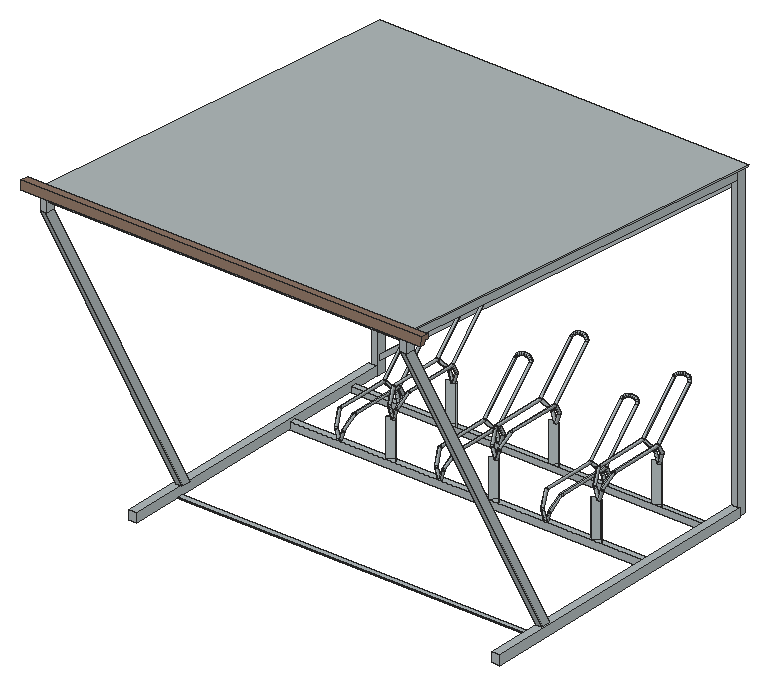
Revit family "Borås 6 Places", category Furniture, Revit 2020
Family settings
  OmniClass Number = 23.21.23.13.15
  Work Plane-Based = No
  Always vertical = Yes
  Cut with Voids When Loaded = No
  Shared = No
  Room Calculation Point = No
Parameters (values of type "8012488 Borås 6 Places / Galvanized")
  Uniclass 1.4 Description = "Furniture"
  Uniclass 1.4 Code = "L8211"
  URL = "https://www.hags.com/"
  QR code = ""
  Product url = "https://www.hags.com/en-us/park-urban/bicycle-storage/boraas-cycle-shelter"
  Product name = "Borås 6 Places / Galvanized"
  Product data url = ""
  Product SKU = ""
  Product Guid = "90e49432-c870-4a59-897e-b15016e8f9bd"
  OmniClass Description = ""
  OmniClass Code = "23-21 23 13 15"
  Model = "8012488"
  Manufacturer name = "HAGS"
  Manufacturer = "Hags"
  IFC Classification = "Furniture"
  Edition number = 1
  Description = "Borås 6 Places Galvanized "  # constant formula
  Default Elevation = 0 mm
  Construction material = Hags - Steel - Galvanized
  Body material_90 = Hags - Steel - Galvanized
  Body material = Hags - Steel - Galvanized
  BIMobject category = "bicycle-storage"
Reference planes
  plane 1 "Center (Front/Back)": y = 0
  plane 2: z = 0
  plane 3 "Center (Left/Right)": x = 0
Forms (mm)
  Extrusion 1, solid, material "Hags - Steel - Galvanized" <- "Construction material"
    sketch origin (-984.74, 2579.408, 0) x (0, 1, 0) y (0, 0, 1)
      loop
        line (-184.965, 0) -> (-184.965, 1710) -> (-234.965, 1710) -> (-234.965, 0) -> (-184.965, 0)
    from 0 to 32
  Extrusion 2, solid, material "Hags - Steel - Galvanized" <- "Construction material"
    sketch origin (-984.74, 2579.408, 0) x (0, 1, 0) y (0, 0, 1)
      loop
        line (-234.965, 1660) -> (-234.965, 1710) -> (-2462.806, 1904.911) -> (-2462.806, 1854.911) -> (-234.965, 1660)
    from 0 to 32
  Extrusion 3, solid, material "Hags - Steel - Galvanized" <- "Construction material"
    sketch origin (-985.052, 2579.408, 0) x (0, 1, 0) y (0, 0, 1)
      loop
        line (-2462.806, 1904.911) -> (-2512.806, 1904.911) -> (-2512.806, 1804.027) -> (-2462.806, 1804.027) -> (-2462.806, 1904.911)
    from 0 to 35
  Extrusion 4, solid, material "Hags - Steel - Galvanized" <- "Construction material"
    sketch origin (-985.052, 2579.408, 0) x (0, 1, 0) y (0, 0, 1)
      loop
        line (-2462.806, 1804.027) -> (-2512.806, 1804.027) -> (-1580.173, 50) -> (-1530.173, 50) -> (-1534.159, 57.495) -> (-2462.806, 1804.027)
    from 0 to 32
  Extrusion 5, solid, material "Hags - Steel - Galvanized" <- "Construction material"
    sketch origin (-1000.677, 2579.408, 0) x (0, 1, 0) y (0, 0, 1)
      loop
        line (-234.965, 50) -> (-1884.965, 50) -> (-1884.965, 0) -> (-234.965, 0) -> (-234.965, 50)
    from 0 to 43.755
  Extrusion 6, solid, material "Hags - Steel - Galvanized" <- "Construction material"
    sketch origin (-1000.677, 2384.408, 0) x (1, 0, 0) y (0, 0, 1)
      loop
        line (1995.745, 1698.705) -> (48.562, 1698.705) -> (48.562, 1664.079) -> (1995.745, 1664.079) -> (1995.745, 1698.705)
    from 0 to 32
  Extrusion 7, solid, material "Hags - Steel - Galvanized" <- "Construction material"
    sketch origin (-998.495, 109.408, 195.46) x (1, 0, 0) y (0, 0, 1)
      loop
        line (1995.745, 1698.705) -> (48.562, 1698.705) -> (48.562, 1664.079) -> (1995.745, 1664.079) -> (1995.745, 1698.705)
    from 0 to 38
  Extrusion 8, solid, material "Hags - Steel - Galvanized" <- "Construction material"
    sketch origin (-1000.677, 2384.408, 0) x (1, 0, 0) y (0, 0, 1)
      loop
        line (48.25, 73.319) -> (1994.904, 1618.13) -> (1994.904, 1650.001) -> (48.25, 103.265) -> (48.25, 73.319)
    from 0 to 32
  Extrusion 9, solid, material "Hags - Steel - Galvanized" <- "Construction material"
    sketch origin (-1000.677, 2579.408, 0) x (1, 0, 0) y (0, 1, 0)
      loop
        line (567.382, -415.587) -> (568.066, -416.141) -> (595.442, -389.704) -> (622.846, -415.88) -> (623.948, -415.585) -> (595.666, -387.302) -> (567.382, -415.587)
    from 0 to 245
  Extrusion 10, solid, material "Hags - Steel - Galvanized" <- "Construction material"
    sketch origin (-437.865, 2579.408, 0) x (1, 0, 0) y (0, 1, 0)
      loop
        line (567.382, -415.587) -> (568.066, -416.141) -> (595.442, -389.704) -> (622.846, -415.88) -> (623.948, -415.585) -> (595.666, -387.302) -> (567.382, -415.587)
    from 0 to 245
  Extrusion 11, solid, material "Hags - Steel - Galvanized" <- "Construction material"
    sketch origin (127.952, 2579.408, 0) x (1, 0, 0) y (0, 1, 0)
      loop
        line (567.382, -415.587) -> (568.066, -416.141) -> (595.442, -389.704) -> (622.846, -415.88) -> (623.948, -415.585) -> (595.666, -387.302) -> (567.382, -415.587)
    from 0 to 245
  Extrusion 12, solid, material "Hags - Steel - Galvanized" <- "Construction material"
    sketch origin (-1000.677, 2578.158, 0) x (1, 0, 0) y (0, 1, 0)
      loop
        line (48.562, -384.793) -> (48.562, -416.074) -> (1993.755, -416.074) -> (1993.755, -384.793) -> (48.562, -384.793)
    from 0 to 30
  Extrusion 13, solid, material "Hags - Steel - Galvanized" <- "Construction material"
    sketch origin (-1000.677, 2579.408, 0) x (1, 0, 0) y (0, 1, 0)
      loop
        line (46.821, -836.074) -> (1993.755, -836.074) -> (1993.755, -806.074) -> (46.821, -806.074) -> (46.821, -836.074)
    from 0 to 40
  Extrusion 14, solid, material "Hags - Steel - Galvanized" <- "Construction material"
    sketch origin (-1005.87, 1805.033, 2.5) x (1, 0, 0) y (0, 1, 0)
      loop
        line (48.948, -836.074) -> (1998.948, -836.074) -> (1998.948, -806.074) -> (48.948, -806.074) -> (48.948, -836.074)
    from 0 to 6
  Extrusion 15, solid, material "Hags - Steel - Galvanized" <- "Construction material"
    sketch origin (992.76, 2579.408, 0) x (0, 1, 0) y (0, 0, 1)
      loop
        line (-184.965, 0) -> (-184.965, 1710) -> (-234.965, 1710) -> (-234.965, 0) -> (-184.965, 0)
    from 0 to 32
  Extrusion 16, solid, material "Hags - Steel - Galvanized" <- "Construction material"
    sketch origin (992.76, 2579.408, 0) x (0, 1, 0) y (0, 0, 1)
      loop
        line (-234.965, 1660) -> (-234.965, 1710) -> (-2462.806, 1904.911) -> (-2462.806, 1854.911) -> (-234.965, 1660)
    from 0 to 32
  Extrusion 17, solid, material "Hags - Steel - Galvanized" <- "Construction material"
    sketch origin (992.448, 2579.408, 0) x (0, 1, 0) y (0, 0, 1)
      loop
        line (-2462.806, 1904.911) -> (-2512.806, 1904.911) -> (-2512.806, 1804.027) -> (-2462.806, 1804.027) -> (-2462.806, 1904.911)
    from 0 to 35
  Extrusion 18, solid, material "Hags - Steel - Galvanized" <- "Construction material"
    sketch origin (993.073, 2579.408, 0) x (0, 1, 0) y (0, 0, 1)
      loop
        line (-2462.806, 1804.027) -> (-2512.806, 1804.027) -> (-1580.173, 50) -> (-1530.173, 50) -> (-1534.159, 57.495) -> (-2462.806, 1804.027)
    from 0 to 32
  Extrusion 19, solid, material "Hags - Steel - Galvanized" <- "Construction material"
    sketch origin (994.13, 2579.408, 0) x (0, 1, 0) y (0, 0, 1)
      loop
        line (-234.965, 50) -> (-1884.965, 50) -> (-1884.965, 0) -> (-234.965, 0) -> (-234.965, 50)
    from 0 to 43.755
  Sweep 20, solid, material "Hags - Steel - Galvanized" <- "Body material"
    path origin (-364.372, 2583.549, -230.474) x (0, 1, 0) y (-0.309017, 0, 0.951057)
      loop
        line (-820.886, 0) -> (-820.886, 55.905) -> (-820.886, 59.124) -> (-819.965, 62.137) -> (-770.078, 125.99) -> (-766.002, 127.89) -> (-465.186, 127.89) -> (-461.094, 126.401) -> (-410.881, 58.199) -> (-410.115, 55.342) -> (-410.115, 0)
    profile origin (-373.01, 1762.663, -203.89) x (0, -1, 0) y (0.951057, 0, 0.309017)
      loop
        circle (0, 840.487) r 6.5
  Sweep 21, solid, material "Hags - Steel - Galvanized" <- "Body material"
    path origin (1244.524, 2583.549, -216.428) x (0, 1, 0) y (-0.292373, 0, -0.956304)
      loop
        line (-820.886, 0) -> (-820.886, -55.905) -> (-820.886, -59.124) -> (-819.965, -62.137) -> (-770.078, -125.99) -> (-766.002, -127.89) -> (-465.186, -127.89) -> (-461.094, -126.401) -> (-410.881, -58.199) -> (-410.115, -55.342) -> (-410.115, 0)
    profile origin (1252.697, 1762.663, -189.697) x (0, 1, 0) y (-0.956304, 0, 0.292373)
      loop
        circle (0, 840.487) r 6.5
  Sweep 22, solid, material "Hags - Steel - Galvanized" <- "Body material"
    path origin (-444.55, 2090.782, 123.616) x (1, 0, 0) y (0, 0.707107, 0.707107)
      loop
        line (839.702, 42.921) -> (839.702, 340.837) -> (840.265, 347.267) -> (843.228, 353.621) -> (847.934, 360.598) -> (855.705, 366.891) -> (865.691, 370.724) -> (877.383, 372.786) -> (881.238, 372.786) -> (892.864, 371.768) -> (903.629, 368.682) -> (914.205, 361.548) -> (920.498, 353.776) -> (923.074, 342.622) -> (923.074, 42.921)
    profile origin (395.152, 2226.462, 259.295) x (-1, 0, 0) y (0, -0.707107, 0.707107)
      loop
        circle (0, 0) r 6.547
  Sweep 23, solid, material "Hags - Steel - Galvanized" <- "Body material"
    path origin (-949.372, 2583.549, -230.474) x (0, 1, 0) y (-0.309017, 0, 0.951057)
      loop
        line (-820.886, 0) -> (-820.886, 55.905) -> (-820.886, 59.124) -> (-819.965, 62.137) -> (-770.078, 125.99) -> (-766.002, 127.89) -> (-465.186, 127.89) -> (-461.094, 126.401) -> (-410.881, 58.199) -> (-410.115, 55.342) -> (-410.115, 0)
    profile origin (-958.01, 1762.663, -203.89) x (0, -1, 0) y (0.951057, 0, 0.309017)
      loop
        circle (0, 840.487) r 6.5
  Sweep 24, solid, material "Hags - Steel - Galvanized" <- "Body material"
    path origin (659.524, 2583.549, -216.428) x (0, 1, 0) y (-0.292373, 0, -0.956304)
      loop
        line (-820.886, 0) -> (-820.886, -55.905) -> (-820.886, -59.124) -> (-819.965, -62.137) -> (-770.078, -125.99) -> (-766.002, -127.89) -> (-465.186, -127.89) -> (-461.094, -126.401) -> (-410.881, -58.199) -> (-410.115, -55.342) -> (-410.115, 0)
    profile origin (667.697, 1762.663, -189.697) x (0, 1, 0) y (-0.956304, 0, 0.292373)
      loop
        circle (0, 840.487) r 6.5
  Sweep 25, solid, material "Hags - Steel - Galvanized" <- "Body material"
    path origin (-1029.55, 2090.782, 123.616) x (1, 0, 0) y (0, 0.707107, 0.707107)
      loop
        line (839.702, 42.921) -> (839.702, 340.837) -> (840.265, 347.267) -> (843.228, 353.621) -> (847.934, 360.598) -> (855.705, 366.891) -> (865.691, 370.724) -> (877.383, 372.786) -> (881.238, 372.786) -> (892.864, 371.768) -> (903.629, 368.682) -> (914.205, 361.548) -> (920.498, 353.776) -> (923.074, 342.622) -> (923.074, 42.921)
    profile origin (-189.848, 2226.462, 259.295) x (-1, 0, 0) y (0, -0.707107, 0.707107)
      loop
        circle (0, 0) r 6.547
  Sweep 26, solid, material "Hags - Steel - Galvanized" <- "Body material"
    path origin (-1499.372, 2583.549, -230.474) x (0, 1, 0) y (-0.309017, 0, 0.951057)
      loop
        line (-820.886, 0) -> (-820.886, 55.905) -> (-820.886, 59.124) -> (-819.965, 62.137) -> (-770.078, 125.99) -> (-766.002, 127.89) -> (-465.186, 127.89) -> (-461.094, 126.401) -> (-410.881, 58.199) -> (-410.115, 55.342) -> (-410.115, 0)
    profile origin (-1508.01, 1762.663, -203.89) x (0, -1, 0) y (0.951057, 0, 0.309017)
      loop
        circle (0, 840.487) r 6.5
  Sweep 27, solid, material "Hags - Steel - Galvanized" <- "Body material"
    path origin (109.524, 2583.549, -216.428) x (0, 1, 0) y (-0.292373, 0, -0.956304)
      loop
        line (-820.886, 0) -> (-820.886, -55.905) -> (-820.886, -59.124) -> (-819.965, -62.137) -> (-770.078, -125.99) -> (-766.002, -127.89) -> (-465.186, -127.89) -> (-461.094, -126.401) -> (-410.881, -58.199) -> (-410.115, -55.342) -> (-410.115, 0)
    profile origin (117.697, 1762.663, -189.697) x (0, 1, 0) y (-0.956304, 0, 0.292373)
      loop
        circle (0, 840.487) r 6.5
  Sweep 28, solid, material "Hags - Steel - Galvanized" <- "Body material"
    path origin (-1579.55, 2090.782, 123.616) x (1, 0, 0) y (0, 0.707107, 0.707107)
      loop
        line (839.702, 42.921) -> (839.702, 340.837) -> (840.265, 347.267) -> (843.228, 353.621) -> (847.934, 360.598) -> (855.705, 366.891) -> (865.691, 370.724) -> (877.383, 372.786) -> (881.238, 372.786) -> (892.864, 371.768) -> (903.629, 368.682) -> (914.205, 361.548) -> (920.498, 353.776) -> (923.074, 342.622) -> (923.074, 42.921)
    profile origin (-739.848, 2226.462, 259.295) x (-1, 0, 0) y (0, -0.707107, 0.707107)
      loop
        circle (0, 0) r 6.547
  Sweep 29, solid, material "Hags - Steel - Galvanized" <- "Body material"
    path origin (-76.723, 2583.549, -20.216) x (0, 1, 0) y (-0.309017, 0, 0.951057)
      loop
        line (-820.886, 0) -> (-820.886, 55.905) -> (-820.886, 59.124) -> (-819.965, 62.137) -> (-770.078, 125.99) -> (-766.002, 127.89) -> (-465.186, 127.89) -> (-461.094, 126.401) -> (-410.881, 58.199) -> (-410.115, 55.342) -> (-410.115, 0)
    profile origin (-85.361, 1762.663, 6.368) x (0, -1, 0) y (0.951057, 0, 0.309017)
      loop
        circle (0, 840.487) r 6.5
  Sweep 30, solid, material "Hags - Steel - Galvanized" <- "Body material"
    path origin (1532.174, 2583.549, -6.17) x (0, 1, 0) y (-0.292373, 0, -0.956304)
      loop
        line (-820.886, 0) -> (-820.886, -55.905) -> (-820.886, -59.124) -> (-819.965, -62.137) -> (-770.078, -125.99) -> (-766.002, -127.89) -> (-465.186, -127.89) -> (-461.094, -126.401) -> (-410.881, -58.199) -> (-410.115, -55.342) -> (-410.115, 0)
    profile origin (1540.346, 1762.663, 20.561) x (0, 1, 0) y (-0.956304, 0, 0.292373)
      loop
        circle (0, 840.487) r 6.5
  Sweep 31, solid, material "Hags - Steel - Galvanized" <- "Body material"
    path origin (-156.901, 2090.782, 333.874) x (1, 0, 0) y (0, 0.707107, 0.707107)
      loop
        line (839.702, 42.921) -> (839.702, 340.837) -> (840.265, 347.267) -> (843.228, 353.621) -> (847.934, 360.598) -> (855.705, 366.891) -> (865.691, 370.724) -> (877.383, 372.786) -> (881.238, 372.786) -> (892.864, 371.768) -> (903.629, 368.682) -> (914.205, 361.548) -> (920.498, 353.776) -> (923.074, 342.622) -> (923.074, 42.921)
    profile origin (682.801, 2226.462, 469.553) x (-1, 0, 0) y (0, -0.707107, 0.707107)
      loop
        circle (0, 0) r 6.547
  Extrusion 32, solid, material "Hags - Steel - Galvanized" <- "Construction material"
    sketch origin (127.952, 2165.658, 0) x (1, 0, 0) y (0, 1, 0)
      loop
        line (567.382, -415.587) -> (568.066, -416.141) -> (595.442, -389.704) -> (622.846, -415.88) -> (623.948, -415.585) -> (595.666, -387.302) -> (567.382, -415.587)
    from 0 to 245
  Sweep 33, solid, material "Hags - Steel - Galvanized" <- "Body material"
    path origin (-641.723, 2583.549, -20.216) x (0, 1, 0) y (-0.309017, 0, 0.951057)
      loop
        line (-820.886, 0) -> (-820.886, 55.905) -> (-820.886, 59.124) -> (-819.965, 62.137) -> (-770.078, 125.99) -> (-766.002, 127.89) -> (-465.186, 127.89) -> (-461.094, 126.401) -> (-410.881, 58.199) -> (-410.115, 55.342) -> (-410.115, 0)
    profile origin (-650.361, 1762.663, 6.368) x (0, -1, 0) y (0.951057, 0, 0.309017)
      loop
        circle (0, 840.487) r 6.5
  Sweep 34, solid, material "Hags - Steel - Galvanized" <- "Body material"
    path origin (967.174, 2583.549, -6.17) x (0, 1, 0) y (-0.292373, 0, -0.956304)
      loop
        line (-820.886, 0) -> (-820.886, -55.905) -> (-820.886, -59.124) -> (-819.965, -62.137) -> (-770.078, -125.99) -> (-766.002, -127.89) -> (-465.186, -127.89) -> (-461.094, -126.401) -> (-410.881, -58.199) -> (-410.115, -55.342) -> (-410.115, 0)
    profile origin (975.346, 1762.663, 20.561) x (0, 1, 0) y (-0.956304, 0, 0.292373)
      loop
        circle (0, 840.487) r 6.5
  Sweep 35, solid, material "Hags - Steel - Galvanized" <- "Body material"
    path origin (-721.901, 2090.782, 333.874) x (1, 0, 0) y (0, 0.707107, 0.707107)
      loop
        line (839.702, 42.921) -> (839.702, 340.837) -> (840.265, 347.267) -> (843.228, 353.621) -> (847.934, 360.598) -> (855.705, 366.891) -> (865.691, 370.724) -> (877.383, 372.786) -> (881.238, 372.786) -> (892.864, 371.768) -> (903.629, 368.682) -> (914.205, 361.548) -> (920.498, 353.776) -> (923.074, 342.622) -> (923.074, 42.921)
    profile origin (117.801, 2226.462, 469.553) x (-1, 0, 0) y (0, -0.707107, 0.707107)
      loop
        circle (0, 0) r 6.547
  Extrusion 36, solid, material "Hags - Steel - Galvanized" <- "Construction material"
    sketch origin (-437.048, 2165.658, 0) x (1, 0, 0) y (0, 1, 0)
      loop
        line (567.382, -415.587) -> (568.066, -416.141) -> (595.442, -389.704) -> (622.846, -415.88) -> (623.948, -415.585) -> (595.666, -387.302) -> (567.382, -415.587)
    from 0 to 245
  Sweep 37, solid, material "Hags - Steel - Galvanized" <- "Body material"
    path origin (-1205.473, 2583.549, -20.216) x (0, 1, 0) y (-0.309017, 0, 0.951057)
      loop
        line (-820.886, 0) -> (-820.886, 55.905) -> (-820.886, 59.124) -> (-819.965, 62.137) -> (-770.078, 125.99) -> (-766.002, 127.89) -> (-465.186, 127.89) -> (-461.094, 126.401) -> (-410.881, 58.199) -> (-410.115, 55.342) -> (-410.115, 0)
    profile origin (-1214.111, 1762.663, 6.368) x (0, -1, 0) y (0.951057, 0, 0.309017)
      loop
        circle (0, 840.487) r 6.5
  Sweep 38, solid, material "Hags - Steel - Galvanized" <- "Body material"
    path origin (403.424, 2583.549, -6.17) x (0, 1, 0) y (-0.292373, 0, -0.956304)
      loop
        line (-820.886, 0) -> (-820.886, -55.905) -> (-820.886, -59.124) -> (-819.965, -62.137) -> (-770.078, -125.99) -> (-766.002, -127.89) -> (-465.186, -127.89) -> (-461.094, -126.401) -> (-410.881, -58.199) -> (-410.115, -55.342) -> (-410.115, 0)
    profile origin (411.596, 1762.663, 20.561) x (0, 1, 0) y (-0.956304, 0, 0.292373)
      loop
        circle (0, 840.487) r 6.5
  Sweep 39, solid, material "Hags - Steel - Galvanized" <- "Body material"
    path origin (-1285.651, 2090.782, 333.874) x (1, 0, 0) y (0, 0.707107, 0.707107)
      loop
        line (839.702, 42.921) -> (839.702, 340.837) -> (840.265, 347.267) -> (843.228, 353.621) -> (847.934, 360.598) -> (855.705, 366.891) -> (865.691, 370.724) -> (877.383, 372.786) -> (881.238, 372.786) -> (892.864, 371.768) -> (903.629, 368.682) -> (914.205, 361.548) -> (920.498, 353.776) -> (923.074, 342.622) -> (923.074, 42.921)
    profile origin (-445.949, 2226.462, 469.553) x (-1, 0, 0) y (0, -0.707107, 0.707107)
      loop
        circle (0, 0) r 6.547
  Extrusion 40, solid, material "Hags - Steel - Galvanized" <- "Construction material"
    sketch origin (-1000.798, 2165.658, 0) x (1, 0, 0) y (0, 1, 0)
      loop
        line (567.382, -415.587) -> (568.066, -416.141) -> (595.442, -389.704) -> (622.846, -415.88) -> (623.948, -415.585) -> (595.666, -387.302) -> (567.382, -415.587)
    from 0 to 245
  Extrusion 41, solid, material "Hags - Wood - Bark brown"
    sketch origin (-1075.269, 2592.308, -25) x (0, 1, 0) y (0, 0, 1)
      loop
        line (-2549.63, 1911.391) -> (-2527.825, 1909.1) -> (-2525.404, 1932.128) -> (-2502.617, 1929.733) -> (-2500.3, 1951.774) -> (-2544.893, 1956.461) -> (-2549.63, 1911.391)
    from -1.351 to 2200
  Extrusion 42, solid, material "Hags - Steel - Galvanized" <- "Body material"
    sketch origin (3679.106, -1732.992, 2066.313) x (1, 0, 0) y (0, 0.996302, -0.085916)
      loop
        line (-4664.158, 1835.544) -> (-2639.158, 1835.544) -> (-2639.158, 4145.544) -> (-4664.158, 4145.544) -> (-4664.158, 1835.544)
    from 0 to 8
Dimensions and locks
  aligned and locked: level to plane 2
